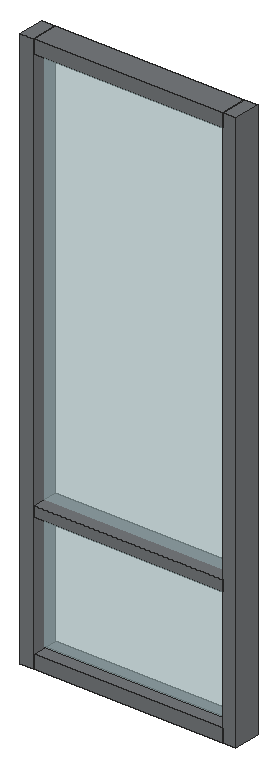
Revit family "LC W03 - A11", category Windows, host Wall, Revit 2027
Family settings
  Host = Wall
  Always vertical = Yes
  Cut with Voids When Loaded = No
  Shared = No
  Room Calculation Point = No
Parameters (values of type "A11 nominal size")
  Height = 2120 mm  # constant formula
  Description = "A07/A08 position, A11 overall sizes. Frame50x100 and glazing6mm are visual coordination profiles; manufacturer sections/glazing specification pending. Panel divisions follow schedule appearance, undimensioned divisions provisional."
  Default Sill Height = 0 mm
  Wall Closure = By host
  Width = 810 mm  # constant formula
Reference planes
  plane 1 "Center (Front/Back)": y = 0
  plane 2 "Center (Left/Right)": x = 0
  plane 3 "Left": x = -405
  plane 4 "Right": x = 405
  plane 5 "Sill": z = 0
  plane 6 "Head": z = 2120
  plane 7 "Exterior": y = 100
  plane 8 "Interior": y = -100
Forms (mm)
  Extrusion 1, solid, material "LC Aluminium - charcoal coordination"
    sketch origin (0, 0, 0) x (1, 0, 0) y (0, 1, 0)
      loop
        line (-405, -50) -> (-355, -50) -> (-355, 50) -> (-405, 50) -> (-405, -50)
    from 0 to 2120
  Extrusion 2, solid, material "LC Aluminium - charcoal coordination"
    sketch origin (0, 0, 0) x (1, 0, 0) y (0, 1, 0)
      loop
        line (355, -50) -> (405, -50) -> (405, 50) -> (355, 50) -> (355, -50)
    from 0 to 2120
  Extrusion 3, solid, material "LC Aluminium - charcoal coordination"
    sketch origin (0, 0, 0) x (1, 0, 0) y (0, 1, 0)
      loop
        line (-355, -50) -> (355, -50) -> (355, 50) -> (-355, 50) -> (-355, -50)
    from 2070 to 2120
  Extrusion 4, solid, material "LC Aluminium - charcoal coordination"
    sketch origin (0, 0, 0) x (1, 0, 0) y (0, 1, 0)
      loop
        line (-355, -50) -> (355, -50) -> (355, 50) -> (-355, 50) -> (-355, -50)
    from 0 to 50
  Extrusion 5, solid, material "LC Aluminium - charcoal coordination"
    sketch origin (0, 0, 0) x (1, 0, 0) y (0, 1, 0)
      loop
        line (-355, -50) -> (355, -50) -> (355, 50) -> (-355, 50) -> (-355, -50)
    from 510 to 550
  Extrusion 6, solid, material "LC Glazing - specification pending"
    sketch origin (0, 0, 0) x (1, 0, 0) y (0, 1, 0)
      loop
        line (-355, -3) -> (355, -3) -> (355, 3) -> (-355, 3) -> (-355, -3)
    from 50 to 530
  Extrusion 7, solid, material "LC Glazing - specification pending"
    sketch origin (0, 0, 0) x (1, 0, 0) y (0, 1, 0)
      loop
        line (-355, -3) -> (355, -3) -> (355, 3) -> (-355, 3) -> (-355, -3)
    from 530 to 2070
Lines and regions (mm)
  Opening 1
    outline origin (3500, -100, 0) x (1, 0, 0) y (0, 0, 1)
      loop
        line (-3095, 0) -> (-3095, 2120) -> (-3905, 2120) -> (-3905, 0) -> (-3095, 0)
Text (mm)
  text "Exterior" at (-1963.203, 1332.353, 0), in view "Ref. Level"
  text "Interior" at (-1981.466, -818.386, 0), in view "Ref. Level"
  text "Exterior" at (0, 923.751, 2943.296), in view "Right"
  text "Exterior" at (0, 1040.484, 2685.409), in view "Left"
Dimensions and locks
  equal spacing: plane 3 "Left", plane 2 "Center (Left/Right)", plane 4 "Right"
  "Width": plane 3 "Left" to plane 4 "Right"
  "Height": plane 5 "Sill" to plane 6 "Head"
  "Default Sill Height": plane 5 "Sill" to level
  locked: plane 7 "Exterior" to host wall
  locked: plane 8 "Interior" to host wall
Automatic sketch dimensions
  Opening 1 sketch curve to plane 3 "Left" = 0 mm
  Opening 1 sketch curve to plane 4 "Right" = 0 mm
  Opening 1 sketch curve to plane 5 "Sill" = 0 mm
  Opening 1 sketch curve to plane 6 "Head" = 0 mm
  Extrusion 1 sketch curve to plane 3 "Left" = 0 mm
  Extrusion 1 sketch curve to Extrusion 1 sketch curve = 50 mm
  host wall to Extrusion 1 sketch curve = 50 mm
  Extrusion 1 sketch curve to host wall = 50 mm
  Extrusion 2 sketch curve to plane 4 "Right" = 0 mm
  plane 4 "Right" to Extrusion 2 sketch curve = 50 mm
  host wall to Extrusion 2 sketch curve = 50 mm
  Extrusion 2 sketch curve to host wall = 50 mm
  Extrusion 3 sketch curve to plane 3 "Left" = 50 mm
  plane 4 "Right" to Extrusion 3 sketch curve = 50 mm
  host wall to Extrusion 3 sketch curve = 50 mm
  Extrusion 3 sketch curve to host wall = 50 mm
  Extrusion 4 sketch curve to plane 3 "Left" = 50 mm
  plane 4 "Right" to Extrusion 4 sketch curve = 50 mm
  host wall to Extrusion 4 sketch curve = 50 mm
  Extrusion 4 sketch curve to host wall = 50 mm
  Extrusion 5 sketch curve to plane 3 "Left" = 50 mm
  plane 4 "Right" to Extrusion 5 sketch curve = 50 mm
  host wall to Extrusion 5 sketch curve = 50 mm
  Extrusion 5 sketch curve to host wall = 50 mm
  host wall to Extrusion 6 sketch curve = 3 mm
  Extrusion 6 sketch curve to plane 3 "Left" = 50 mm
  Extrusion 6 sketch curve to host wall = 3 mm
  plane 4 "Right" to Extrusion 6 sketch curve = 50 mm
  host wall to Extrusion 7 sketch curve = 3 mm
  Extrusion 7 sketch curve to plane 3 "Left" = 50 mm
  Extrusion 7 sketch curve to host wall = 3 mm
  plane 4 "Right" to Extrusion 7 sketch curve = 50 mm
